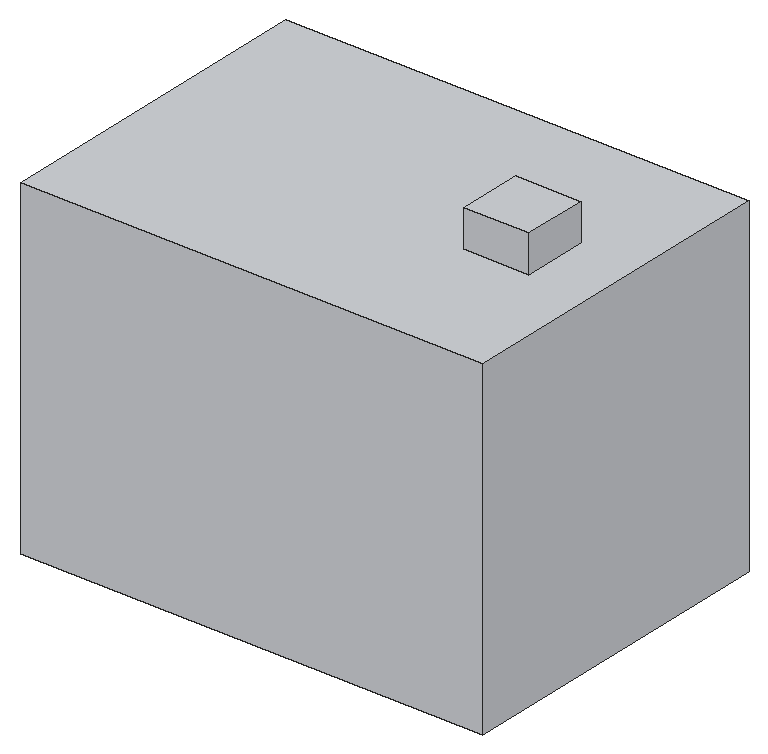
Revit family "1573de90d24f472b8557253f50406a1e", category Mechanical Equipment, Revit 2021
Family settings
  Round Connector Dimension = Use Diameter
  Part Type = Normal
  OmniClass Number = 23.75.35.17.27
  OmniClass Title = Centrifugal Fans
  Seek Item ID = Centrifugal Fan - Inline - Direct Drive-0000-USA-ENU
  Work Plane-Based = No
  Always vertical = Yes
  Cut with Voids When Loaded = No
  Shared = No
  Room Calculation Point = No
Parameters (values of type "980 CFM")
  Voltage = 208 V
  Symbol Motor Radius = Fan Width * 0.35  # 0' - 6.25762"
  Symbol Length 1 = Symbol Motor Radius * 0.3  # 0' - 1.87729"
  Load Classification = Cooling
  External Static Pressure [instance] = 0.00 in-wg
  Orifice Radius = Orifice Diameter * 1 / 2  # 0' - 5 3/4"
  Orifice Diameter = 0' - 11 1/2"
  Number of Poles = 3
  Length 2 = Symbol Motor Radius - 0' 4"  # 0' - 2.25762"
  Length 1 = Symbol Motor Radius + Symbol Length 1  # 0' - 8.1349"
  HP = 0.05
  Fan Width = 1' - 5 225/256"
  Fan Material = none
  Fan Length = 2' - 0 225/256"
  Fan Height = Fan Width  # 1' - 5 225/256"
  Duct Width = 17"
  Duct Height = Duct Width  # 17"
  Default Elevation = 0' - 0"
  Assembly Code = ""
  Apparent Load = 31.3 VA
  Air Flow [instance] = 770 CFM
Types (15): name | Symbol Motor Radius | Symbol Length 1 | Orifice Radius | Orifice Diameter | Length 2 | Length 1 | HP | Fan Width | Fan Length | Fan Height | Duct Width | Duct Height | Apparent Load | Air Flow
  380 CFM | 0' - 4.9" | 0' - 1.47" | 0' - 4 3/4" | 0' - 9 1/2" | 0' - 0.9" | 0' - 6.37" | 0.1 | 1' - 2" | 1' - 6 159/256" | 1' - 2" | 13" | 13" | 62.7 VA | 380 CFM
  5445 CFM | 0' - 10 1/2" | 0' - 3.15" | 0' - 10" | 1' - 8" | 0' - 6 1/2" | 1' - 1.65" | 1.5 | 2' - 6" | 3' - 3 3/4" | 2' - 6" | 29" | 29" | 940.1 VA | 5445 CFM
  770 CFM | 0' - 6.25762" | 0' - 1.87729" | 0' - 5 3/4" | 0' - 11 1/2" | 0' - 2.25762" | 0' - 8.1349" | 0.05 | 1' - 5 225/256" | 2' - 0 225/256" | 1' - 5 225/256" | 17" | 17" | 31.3 VA | 770 CFM
  1635 CFM | 0' - 6.25762" | 0' - 1.87729" | 0' - 5 3/4" | 0' - 11 1/2" | 0' - 2.25762" | 0' - 8.1349" | 0.33333 | 1' - 5 225/256" | 2' - 0 225/256" | 1' - 5 225/256" | 17" | 17" | 208 VA | 980 CFM
  1022 CFM | 0' - 7.175" | 0' - 2.1525" | 0' - 6 3/4" | 1' - 1 1/2" | 0' - 3.175" | 0' - 9.3275" | 0.083333 | 1' - 8 1/2" | 2' - 4 31/256" | 1' - 8 1/2" | 19" | 19" | 52.2 VA | 1022 CFM
  1379 CFM | 0' - 7.175" | 0' - 2.1525" | 0' - 6 3/4" | 1' - 1 1/2" | 0' - 3.175" | 0' - 9.3275" | 0.25 | 1' - 8 1/2" | 2' - 4 31/256" | 1' - 8 1/2" | 19" | 19" | 156.7 VA | 1379 CFM
  2081 CFM | 0' - 7.175" | 0' - 2.1525" | 0' - 6 3/4" | 1' - 1 1/2" | 0' - 3.175" | 0' - 9.3275" | 0.75 | 1' - 8 1/2" | 2' - 4 31/256" | 1' - 8 1/2" | 19" | 19" | 470.1 VA | 2081 CFM
  2040 CFM | 0' - 8.4875" | 0' - 2.54625" | 0' - 8 1/4" | 1' - 4 1/2" | 0' - 4.4875" | 0' - 11.03375" | 0.16667 | 2' - 0 1/4" | 2' - 8 161/256" | 2' - 0 1/4" | 24" | 24" | 104.4 VA | 2040 CFM
  2750 CFM | 0' - 8.4875" | 0' - 2.54625" | 0' - 8 1/4" | 1' - 4 1/2" | 0' - 4.4875" | 0' - 11.03375" | 0.5 | 2' - 0 1/4" | 2' - 8 161/256" | 2' - 0 1/4" | 24" | 24" | 313.4 VA | 2750 CFM
  4145 CFM | 0' - 8.4875" | 0' - 2.54625" | 0' - 8 1/4" | 1' - 4 1/2" | 0' - 4.4875" | 0' - 11.03375" | 1.5 | 2' - 0 1/4" | 2' - 8 161/256" | 2' - 0 1/4" | 24" | 24" | 940.1 VA | 4145 CFM
  460 CFM | 0' - 4.9" | 0' - 1.47" | 0' - 4 3/4" | 0' - 9 1/2" | 0' - 0.9" | 0' - 6.37" | 0.1 | 1' - 2" | 1' - 6 159/256" | 1' - 2" | 13" | 13" | 62.7 VA | 460 CFM
  570 CFM | 0' - 4.9" | 0' - 1.47" | 0' - 4 3/4" | 0' - 9 1/2" | 0' - 0.9" | 0' - 6.37" | 0.1 | 1' - 2" | 1' - 6 159/256" | 1' - 2" | 13" | 13" | 62.7 VA | 570 CFM
  680 CFM | 0' - 4.9" | 0' - 1.47" | 0' - 4 3/4" | 0' - 9 1/2" | 0' - 0.9" | 0' - 6.37" | 0.1 | 1' - 2" | 1' - 6 159/256" | 1' - 2" | 13" | 13" | 62.7 VA | 680 CFM
  890 CFM | 0' - 6.25762" | 0' - 1.87729" | 0' - 5 3/4" | 0' - 11 1/2" | 0' - 2.25762" | 0' - 8.1349" | 0.05 | 1' - 5 225/256" | 2' - 0 225/256" | 1' - 5 225/256" | 17" | 17" | 31.3 VA | 770 CFM
  980 CFM | 0' - 6.25762" | 0' - 1.87729" | 0' - 5 3/4" | 0' - 11 1/2" | 0' - 2.25762" | 0' - 8.1349" | 0.05 | 1' - 5 225/256" | 2' - 0 225/256" | 1' - 5 225/256" | 17" | 17" | 31.3 VA | 770 CFM
Reference planes (in)
  plane 1 "Center (Front/Back)": y = 0
  plane 2 "Bottom": z = 0
  plane 3 "Center (Left/Right)": x = 0
  plane 4: x = 24.87891
  plane 5 "bottom": y = 8.93945
  plane 6 "front": y = -8.93945
  plane 7 "Top": z = 17.87891
  plane 8: z = 19.87891
  plane 9: z = 8.93945
  plane 10: x = 3
  plane 11: x = 19.87891
  plane 12: y = 1.75
  plane 13: y = -1.75
  plane 14: x = 18.12891
  plane 15: x = 21.62891
  plane 16: x = 12.43945
  plane 17: x = 20.57436
  plane 18: y = 6.25762
  plane 19: x = 18.69707
Forms (in)
  Extrusion 1, solid, material <- "Fan Material"
    sketch origin (0, 0, 0) x (1, 0, 0) y (0, 1, 0)
      loop
        line (0, 8.93945) -> (0, -8.93945) -> (24.87891, -8.93945) -> (24.87891, 8.93945) -> (0, 8.93945)
    from 0 to 17.87891
  Extrusion 2, void
    sketch origin (0, 0, 0) x (0, 1, 0) y (0, 0, 1)
      loop
        circle (0, 8.93945) r 5.75
    from 0 to 3
  Extrusion 3, solid, material <- "Fan Material"
    sketch origin (0, 0, 0) x (1, 0, 0) y (0, 1, 0)
      loop
        line (18.12891, 1.75) -> (18.12891, -1.75) -> (21.62891, -1.75) -> (21.62891, 1.75) -> (18.12891, 1.75)
    from 17.87891 to 19.87891
Cuts and joins
  Extrusion 2 cuts Extrusion 1
Lines and regions (in)
  symbolic lines, detail levels coarse+medium
    curve 1: arc (12.43945, 6.25762, 0) -> (8.01465, -4.4248, 0) -> (18.69707, 0, 0) r 6.25762
    curve 2: line (18.69707, 0, 0) -> (20.57436, 0, 0)
    curve 3: line (20.57436, 6.25762, 0) -> (12.43945, 6.25762, 0)
    curve 4: line (20.57436, 6.25762, 0) -> (20.57436, 0, 0)
    curve 5: circle (12.43945, 0, 0) r 2.25762 normal (0, 0, 1)
  symbolic lines
    curve 6: line (0, 8.93945, 0) -> (24.87891, 8.93945, 0)
    curve 7: line (0, -8.93945, 0) -> (0, 8.93945, 0)
    curve 8: line (24.87891, -8.93945, 0) -> (0, -8.93945, 0)
    curve 9: line (24.87891, 8.93945, 0) -> (24.87891, -8.93945, 0)
  model lines
    curve 10: line (3, 8.93945, 17.87891) -> (3, -8.93945, 17.87891)
    curve 11: line (3, -8.93945, 17.87891) -> (3, -8.93945, 0)
    curve 12: line (3, 8.93945, 17.87891) -> (3, 8.93945, 0)
    curve 13: line (3, 8.93945, 0) -> (3, -8.93945, 0)
  symbolic lines, detail levels fine
    curve 14: line (18.12891, 1.75, 0) -> (21.62891, 1.75, 0)
    curve 15: line (18.12891, -1.75, 0) -> (18.12891, 1.75, 0)
    curve 16: line (21.62891, -1.75, 0) -> (18.12891, -1.75, 0)
    curve 17: line (21.62891, 1.75, 0) -> (21.62891, -1.75, 0)
Dimensions and locks (in)
  equal spacing: plane 5 "bottom", plane 1 "Center (Front/Back)", plane 6 "front"
  "Fan Width": plane 5 "bottom" to plane 6 "front"
  "Fan Length": plane 3 "Center (Left/Right)" to plane 4
  "Fan Height": plane 7 "Top" to plane 2 "Bottom"
  locked: plane 8 to plane 7 "Top" at 2
  equal spacing: plane 7 "Top", plane 9, plane 2 "Bottom"
  locked: plane 3 "Center (Left/Right)" to plane 10 at 3
  locked: plane 11 to plane 4 at 5
  locked: plane 12 to plane 1 "Center (Front/Back)" at 1.75
  locked: plane 13 to plane 1 "Center (Front/Back)" at 1.75
  plane 14 to plane 11 to plane 15 = 0' - 1 3/4", 0' - 1 3/4"
  equal spacing: plane 3 "Center (Left/Right)", plane 16, plane 4
  "Length 1": plane 16 to plane 17
  "Symbol Motor Radius": plane 18 to plane 1 "Center (Front/Back)"
  "Symbol Motor Radius": plane 16 to plane 19
  "Orifice Radius": radius of Extrusion 2 sketch curve
  "Symbol Motor Radius": radius of curve 1
  "Length 2": radius of curve 5
  aligned and locked: Extrusion 1 sketch curve to plane 5 "bottom"
  aligned and locked: Extrusion 1 sketch curve to plane 4
  aligned and locked: plane 6 "front" to Extrusion 1 sketch curve
  aligned and locked: plane 3 "Center (Left/Right)" to Extrusion 1 sketch curve
  aligned and locked: plane 7 "Top" to Extrusion 1
  aligned and locked: plane 9 to Extrusion 2 sketch curve
  aligned and locked: plane 1 "Center (Front/Back)" to Extrusion 2 sketch curve
  aligned and locked: cut or joined group of Extrusion 1, Extrusion 2 to plane 3 "Center (Left/Right)"
  aligned and locked: plane 10 to cut or joined group of Extrusion 1, Extrusion 2
  aligned and locked: plane 15 to Extrusion 3
  aligned and locked: Extrusion 3 to plane 14
  aligned and locked: plane 12 to Extrusion 3
  aligned and locked: plane 13 to Extrusion 3
  aligned and locked: plane 8 to Extrusion 3
  aligned and locked: Extrusion 3 to plane 7 "Top"
  aligned and locked: plane 1 "Center (Front/Back)" to curve 1
  aligned and locked: plane 18 to curve 3
  aligned and locked: plane 1 "Center (Front/Back)" to curve 2
  aligned and locked: plane 19 to curve 2
  aligned and locked: plane 17 to curve 2
  aligned and locked: plane 17 to curve 3
  aligned and locked: plane 1 "Center (Front/Back)" to curve 5
  aligned and locked: plane 1 "Center (Front/Back)" to curve 4
  aligned and locked: curve 6 to plane 5 "bottom"
  aligned and locked: curve 9 to plane 4
  aligned and locked: plane 6 "front" to curve 8
  aligned and locked: plane 3 "Center (Left/Right)" to curve 7
  aligned and locked: curve 10 to plane 10
  aligned and locked: curve 11 to plane 10
  aligned and locked: curve 12 to plane 10
  aligned and locked: curve 13 to plane 10
  aligned and locked: plane 14 to curve 15
  aligned and locked: curve 17 to plane 15
  aligned and locked: curve 14 to plane 12
  aligned and locked: curve 16 to plane 13
Automatic sketch dimensions
  plane 1 "Center (Front/Back)" to Extrusion 3 sketch curve = 0' - 1 3/4"
  Extrusion 3 sketch curve to plane 11 = 0' - 1 3/4"
  plane 11 to Extrusion 3 sketch curve = 0' - 1 3/4"
  Extrusion 3 sketch curve to plane 1 "Center (Front/Back)" = 0' - 1 3/4"
  curve 1 to curve 5 = 0' - 0"
  curve 10 to plane 6 "front" = 0' - 0"
  curve 10 to plane 5 "bottom" = 0' - 0"
  curve 11 to level = 0' - 0"
  curve 11 to plane 7 "Top" = 0' - 0"
  curve 12 to level = 0' - 0"
  curve 12 to plane 7 "Top" = 0' - 0"
  curve 13 to plane 6 "front" = 0' - 0"
  curve 13 to plane 5 "bottom" = 0' - 0"
Connectors (in)
  hvac at (0, 0, 8.93945), driven by "Air Flow", driven by "Duct Height", driven by "Duct Width"
    settings: on cut or joined group of Extrusion 1, Extrusion 2, index 1, duct flow 770 CFM, flow factor 0, pres drop 0.00 in-wg, loss coef 0, conn angle 0.00°, conn width 17", conn height 17", conn diameter 24", duct sys type 29, conn prof type 1, flow config 0, flow direction 1, loss method 0, conn ref index 2, conn util no, is conn primary yes, conn desc ""
  hvac at (24.87891, 0, 8.93945), driven by "Air Flow", driven by "Duct Height", driven by "Duct Width", driven by "External Static Pressure"
    settings: on cut or joined group of Extrusion 1, Extrusion 2, index 2, duct flow 770 CFM, flow factor 0, pres drop 0.00 in-wg, loss coef 0, conn angle 0.00°, conn width 17", conn height 17", conn diameter 24", duct sys type 29, conn prof type 1, flow config 0, flow direction 2, loss method 0, conn ref index 1, conn util no, is conn primary no, conn desc ""
  electrical at (19.87891, 0, 19.87891), driven by "Apparent Load", driven by "Voltage", driven by "Number of Poles", driven by "Load Classification"
    settings: on Extrusion 3, index 3, voltage 208 V, apparent load 31.3 VA, apparent load phase1 0 VA, apparent load phase2 0 VA, apparent load phase3 0 VA, power factor 0.8, load classification "Cooling", number of poles 3, system type 30, power factor state 1, is connector primary yes, connector utility no, sub classification motor no, connector description ""
